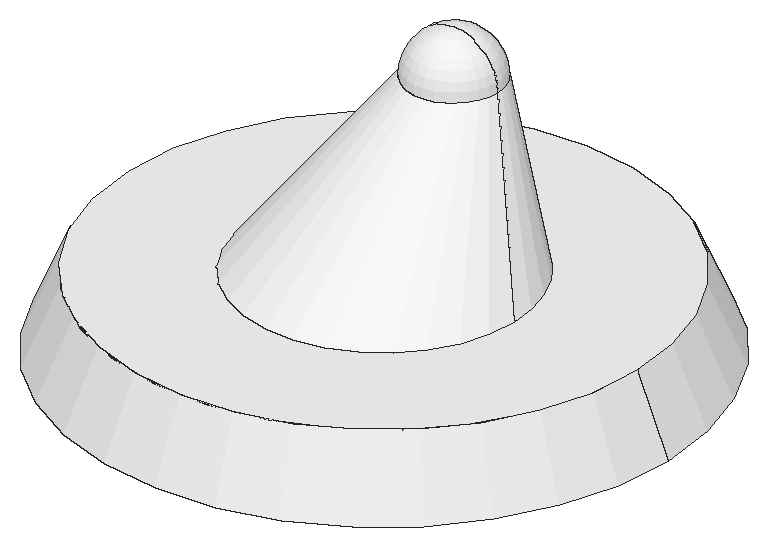
Revit family "KingswayGroup_ClthsHks_Anti-LigatureSingleCoatHook", category Specialty Equipment, Revit 2020
Family settings
  Round Connector Dimension = Use Diameter
  Part Type = Normal
  Work Plane-Based = No
  Always vertical = Yes
  Cut with Voids When Loaded = No
  Shared = No
  Room Calculation Point = No
Parameters (values of type "KG180 BE")
  WarrantyStartDate [instance] = "1900-12-31T23:59:59"
  WarrantyGuarantorParts = "sales@kingswaygroup.co.uk"  # constant formula
  WarrantyGuarantorLabor = "n/a"
  WarrantyDurationUnit = "year"  # constant formula
  WarrantyDurationParts = "5"  # constant formula
  WarrantyDurationLabor = "n/a"
  WarrantyDescription = "5-Year Guarantee *For faulty manufacture and not for damage"  # constant formula
  Version = "1"
  Uniclass2015Version = "Products v1.36"  # constant formula
  Uniclass2015Title = "Clothes hooks"  # constant formula
  Uniclass2015Code = "Pr_40_30_78_15"  # constant formula
  URL = "https://kingswaygroupglobal.com/"
  TagNumber [instance] = "n/a"
  SustainabilityPerformance = "n/a"
  Size = "65 x 65 x 28.5 mm"  # constant formula
  Shape = "n/a"
  SerialNumber [instance] = "n/a"
  Revision = "n/a"
  ReplacementCost = "n/a"
  ProductInformation = "https://kingswaygroupglobal.com/product/anti-ligature-single-coat-hook?noredirect=true"
  NominalWidth = 28.5 mm  # constant formula
  NominalLength = 65 mm  # constant formula
  NominalHeight = 65 mm  # constant formula
  Name = "ClothesHooks_Anti-LigatureSingleCoatHook_KG180BE_KingswayGroup"
  ModelReference = "Anti-Ligature Single Coat Hook"
  ModelNumber = "KG180 BE"
  PlateMaterial = NBS_Concept
  Model = ModelNumber  # "KG180 BE"
  HookMaterial = NBS_Concept
  Material = "Stainless Steel, Rubber"  # constant formula
  ManufacturerURL = "https://kingswaygroupglobal.com/"
  ManufacturerName = "Kingsway Group"  # constant formula
  Manufacturer = ManufacturerName  # "Kingsway Group"
  InstallationDate [instance] = "1900-12-31T23:59:59"
  IfcExportType = "USERDEFINED"  # constant formula
  IfcExportAs = "IfcFurnitureType"  # constant formula
  Grade = "n/a"
  Finish = "For full range of available finishes and colours, contact Kingsway Group"  # constant formula
  Features = "A single anti-ligature coat hook suitable for patient areas with a low load release flexible rubber hook. The rubber hook has a high silicone content for durability and will support items such as coats or towels before releasing under additional weight."  # constant formula
  ExpectedLife = "n/a"
  DurationUnit = "year"  # constant formula
  Description = "KG180 BE (Beige) Anti-Ligature Coat Hook"
  Default Elevation = 0 mm
  Constituents = "n/a"
  Color = "For full range of available finishes and colours, contact Kingsway Group"  # constant formula
  CodePerformance = "n/a"
  Category = "Pr_40_30_78_15:Clothes hooks"  # constant formula
  BarCode [instance] = "n/a"
  BIMObjectName = "KingswayGroup_ClothesHooks_Anti-LigatureSingleCoatHook"  # constant formula
  Author = "Kingsway Group"  # constant formula
  AssetType = "Fixed"
  AssetIdentifier [instance] = "n/a"
  AccessibilityPerformance = "n/a"
Types (6, lengths in mm): name | Name | ModelNumber | Model | Description
  (no name) | "ClothesHooks_Anti-LigatureSingleCoatHook_KG180BE_KingswayGroup" | "KG180 BE" | "KG180 BE" | "KG180 BE (Beige) Anti-Ligature Coat Hook"
  KG180 BK | "ClothesHooks_Anti-LigatureSingleCoatHook_KG180BK_KingswayGroup" | "KG180 BK" | "KG180 BK" | "KG180 BK (Black) Anti-Ligature Coat Hook"
  KG180 BL | "ClothesHooks_Anti-LigatureSingleCoatHook_KG180BL_KingswayGroup" | "KG180 BL" | "KG180 BL" | "KG180 BL (Blue) Anti-Ligature Coat Hook"
  KG180 CR | "ClothesHooks_Anti-LigatureSingleCoatHook_KG180CR_KingswayGroup" | "KG180 CR" | "KG180 CR" | "KG180 CR (Cream) Anti-Ligature Coat Hook"
  KG180 GR | "ClothesHooks_Anti-LigatureSingleCoatHook_KG180GR_KingswayGroup" | "KG180 GR" | "KG180 GR" | "KG180 GR (Grey) Anti-Ligature Coat Hook"
  KG180 BE | "ClothesHooks_Anti-LigatureSingleCoatHook_KG180BE_KingswayGroup" | "KG180 BE" | "KG180 BE" | "KG180 BE (Beige) Anti-Ligature Coat Hook"
Reference planes
  plane 1 "Center (Front/Back)": y = 0
  plane 2: z = 0
  plane 3 "Center (Left/Right)": x = 0
Forms (mm)
  Blend 1, solid, material "NBS_Concept" <- "PlateMaterial"
    base sketch origin (37.5, 0, 0) x (1, 0, 0) y (0, 1, 0)
      loop
        circle (-37.5, 0) r 32.5
    top sketch origin (37.5, 0, 0) x (1, 0, 0) y (0, 1, 0)
      loop
        circle (-37.5, 0) r 29
    from 0 to 8
  Blend 2, solid, material "NBS_Concept" <- "HookMaterial"
    base sketch origin (37.5, -0.018, 0) x (1, 0, 0) y (0, 1, 0)
      loop
        circle (-37.487, 0.005) r 14.956
    top sketch origin (37.5, -0.018, 0) x (1, 0, 0) y (0, 1, 0)
      loop
        arc (-42.498, 9.987) -> (-37.499, 5.006) -> (-32.5, 9.987) r 4.999
        arc (-32.5, 9.987) -> (-37.499, 14.969) -> (-42.498, 9.987) r 4.999
    from 8 to 23.5
  Revolve 3, solid, material "NBS_Concept" <- "HookMaterial"
    sketch origin (37.5, 9.98, 0) x (1, 0, 0) y (0, 0, 1)
      loop
        line (-37.499, 28.5) -> (-37.499, 23.5) -> (-32.5, 23.5)
        spline (-32.5, 23.5) -> (-32.543, 24.153) -> (-32.67, 24.794) -> (-32.88, 25.413) -> (-33.17, 26) -> (-33.533, 26.544) -> (-33.964, 27.036) -> (-34.456, 27.467) -> (-34.999, 27.83) -> (-35.586, 28.119) -> (-36.205, 28.33) -> (-36.846, 28.457) -> (-37.499, 28.5)
      axis (-37.499, 23.5) -> (-37.499, 28.5)
    angle from 0 to 360
  Extrusion 4, void
    sketch origin (37.5, -0.018, 0) x (0, 1, 0) y (0, 0, 1)
      loop
        arc (16.775, 26.432) -> (12.582, 15.536) -> (16.775, 4.64) r 16.256
        line (16.775, 4.64) -> (16.775, 26.432)
    from -55.419 to -21.247
Cuts and joins
  Extrusion 4 cuts Blend 2
  Extrusion 4 cuts Revolve 3
Dimensions and locks
  aligned and locked: level to plane 2
